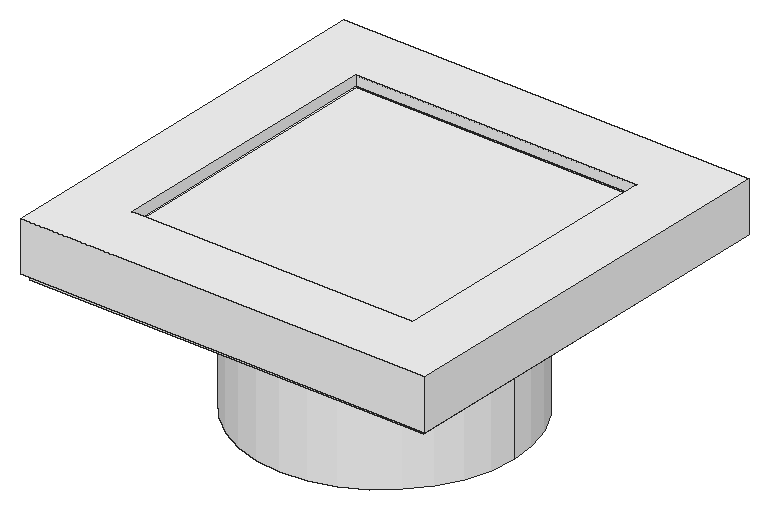
Revit family "Gira_012803", category Electrical Fixtures, host Face, Revit 2017
Family settings
  Host = Face
  Maintain Annotation Orientation = Yes
  Round Connector Dimension = Use Diameter
  Part Type = Normal
  Cut with Voids When Loaded = No
  Shared = No
  Room Calculation Point = No
Parameters (values of type "PB sw. 2-way 2-g System 55 p.white")
  With mounting plate = "No"
  Wiring system = "Alternating-/alternating switch"
  White [instance] = White
  Washing machine switch = "No"
  URL = "http://katalog.gira.de/en/datenblatt.html?artikelnr=012803"
  Type of fastening = "Mounting with claw and screw"
  Surface protection = "Other"
  Surface finishing = "Glossy"
  Suitable for degree of protection (IP) = "IP20"
  Rated current = "10"
  RAL-number (akin) = "9010"
  Push button switch = "Yes"
  Number of rockers = "2"
  Number of modules (module system) = "1"
  Nominal voltage = "250"
  Name = "PB sw. 2-way 2-g System 55 p.white"
  Mounting method = "Flush mounted (plaster)"
  Model = "Sys55_Komplettgerät_Schalten und Tasten"
  Method of operation = "Rocker/button"
  Material quality = "Thermoplastic"
  Material = "Plastic"
  Manufacturer URL = "https://www.gira.de/"
  Manufacturer = "Gira"
  Label space/information surface = "No"
  Illumination = "No"
  HeinzeBIM = "https://bimportal.heinze.de/bim/pb-sw-2-way-2-g-system-55-p-white/1cee8267e8fd8177bb1789cf649ea13796b646d7"
  Halogen free = "Yes"
  HAN = "012803"
  GTIN = "4010337128038"
  Feedback-signal contact = "No"
  Description = "PB sw.2-w 2g Sys55 PW,Pushbutton switch, 10 AX 250 V~ with rocker, 2-gang,2-way switch, 2-gang,pure white glossy,"
  Default Elevation = 1219.2 mm
  Data sheet (1) = "https://katalog.gira.de/en/download.html?artikelnr=012803"
  Connection type = "Plug clamp"
  Colour = "White"
  Category = "Switch"
  BIM (1) = "https://media.stage.bim.site/public/gira/36a6b08/Sys55_Komplettgerät_Schalten und Tasten.rfa?public/gira/36a6b08/Sys55_Komplettgerät_Schalten und Tasten.rfa"
  Available = "No"
  Assembly arrangement = "Basic element with central cover plate"
Reference planes
  plane 1 "Center (Front/Back)": y = 0
  plane 2: z = 0
  plane 3 "Center (Left/Right)": x = 0
Forms (mm)
  Extrusion 1, solid, material "White" <- "White", detail levels medium
    sketch origin (0, 0, 0) x (1, 0, 0) y (0, 1, 0)
      loop
        line (-40.4, 40.4) -> (-40.4, -40.4) -> (40.4, -40.4) -> (40.4, 40.4) -> (-40.4, 40.4)
      loop
        line (-28, 28) -> (-28, -28) -> (28, -28) -> (28, 28) -> (-28, 28)
    from 0 to 10
  Extrusion 2, solid, material "White" <- "White", detail levels fine
    sketch origin (0, 0, 0) x (1, 0, 0) y (0, 1, 0)
      loop
        line (-40.4, 40.4) -> (-40.4, -40.4) -> (40.4, -40.4) -> (40.4, 40.4) -> (-40.4, 40.4)
      loop
        line (-28, 28) -> (-28, -28) -> (28, -28) -> (28, 28) -> (-28, 28)
    from 0 to 10
  Extrusion 3, void
    sketch origin (0, 0, 0) x (1, 0, 0) y (0, 1, 0)
      loop
        line (-38.4, 38.4) -> (-38.4, -38.4) -> (38.4, -38.4) -> (38.4, 38.4) -> (-38.4, 38.4)
    from 0 to 8
  Extrusion 4, solid, material "White" <- "White", detail levels medium+fine
    sketch origin (0, 0, 0) x (1, 0, 0) y (0, 1, 0)
      loop
        line (-39.4, 39.4) -> (-39.4, -39.4) -> (39.4, -39.4) -> (39.4, 39.4) -> (-39.4, 39.4)
    from 0 to -1
  Extrusion 5, solid, material "White" <- "White", detail levels medium+fine
    sketch origin (0, 0, 0) x (1, 0, 0) y (0, 1, 0)
      loop
        line (-35.5, 35.5) -> (-35.5, -35.5) -> (35.5, -35.5) -> (35.5, 35.5) -> (-35.5, 35.5)
    from -2 to -3
  Extrusion 6, solid, material "White" <- "White", detail levels medium+fine
    sketch origin (0, 0, 0) x (1, 0, 0) y (0, 1, 0)
      loop
        circle (0, 0) r 26
    from 0 to -27.5
  Extrusion 7, solid, material "White" <- "White", detail levels coarse
    sketch origin (0, 0, 0) x (1, 0, 0) y (0, 1, 0)
      loop
        line (-40.4, 40.4) -> (-40.4, -40.4) -> (40.4, -40.4) -> (40.4, 40.4) -> (-40.4, 40.4)
    from -27.5 to 10
Cuts and joins
  Extrusion 3 cuts Extrusion 2
Dimensions and locks
  aligned and locked: plane 2 to host face
  aligned and locked: level to host face
  aligned and locked: plane 3 "Center (Left/Right)" to nested 2
  aligned and locked: plane 1 "Center (Front/Back)" to nested 2
Nested families
  nested 1: "Sys55_Abdeckung_Schalten und Tasten_floor_base" at (0, 0, 0), type "Sys55_Abdeckung_Schalten und Tasten_floor_base"
  nested 2: "Schalter" at (0, 0, 0), type "Schalter"
Connectors
  electrical at (0, 0, -27.5)
    settings: on Extrusion 6, index 1, voltage 220 V, apparent load 0 VA, apparent load phase1 0 VA, apparent load phase2 0 VA, apparent load phase3 0 VA, power factor 1, load classification "Other", number of poles 1, system type 30, power factor state 1, is connector primary yes, connector utility no, sub classification motor no, connector description ""
Definition of nested family "Sys55_Abdeckung_Schalten und Tasten_floor_base"
  Parameters
    Default Elevation = 1219.2 mm
    White [instance] = none
  Reference planes
    plane 1 "Center (Front/Back)": y = 0
    plane 2: z = 0
    plane 3 "Center (Left/Right)": x = 0
  Forms (mm)
    Extrusion 1, solid
      sketch origin (0, 0, 0) x (1, 0, 0) y (0, 1, 0)
        loop
          line (-1219.2, 1219.2) -> (-1219.2, -1219.2) -> (1219.2, -1219.2) -> (1219.2, 1219.2) -> (-1219.2, 1219.2)
      from 0 to -304.8
    Extrusion 2, solid, material <- "White", detail levels fine
      sketch origin (0, 0, 0) x (1, 0, 0) y (0, 1, 0)
        loop
          line (-27.5, 27.5) -> (-27.5, -27.5) -> (27.5, -27.5) -> (27.5, 27.5) -> (-27.5, 27.5)
      from 0 to 8
    Extrusion 3, void
      sketch origin (0, 0, 0) x (1, 0, 0) y (0, 1, 0)
        loop
          line (26, 26) -> (-26, 26) -> (-26, -26) -> (26, -26) -> (26, 26)
      from 0 to 6
    Extrusion 4, solid, material <- "White", detail levels medium
      sketch origin (0, 0, 0) x (1, 0, 0) y (0, 1, 0)
        loop
          line (-27.5, 27.5) -> (-27.5, -27.5) -> (27.5, -27.5) -> (27.5, 27.5) -> (-27.5, 27.5)
      from 0 to 8
    Extrusion 5, solid, material <- "White", detail levels medium
      sketch origin (0, 0, 0) x (1, 0, 0) y (0, 1, 0)
        loop
          line (11, -17.5) -> (11, 17.5) -> (-11, 17.5) -> (-11, -17.5) -> (11, -17.5)
      from -6 to 6
    Extrusion 6, solid, material <- "White", detail levels fine
      sketch origin (0, 0, 0) x (1, 0, 0) y (0, 1, 0)
        loop
          line (11, 17.5) -> (-11, 17.5) -> (-11, 16.5) -> (11, 16.5) -> (11, 17.5)
        loop
          line (-11, -16.5) -> (-11, -17.5) -> (11, -17.5) -> (11, -16.5) -> (-11, -16.5)
      from -4 to 6
    Extrusion 7, solid, material <- "White", detail levels fine
      sketch origin (0, 0, 0) x (1, 0, 0) y (0, 1, 0)
        loop
          arc (5, 9.347) -> (0, 10.6) -> (-5, 9.347) r 10.6
          line (-5, 9.347) -> (-5, -9.347)
          arc (-5, -9.347) -> (0, -10.6) -> (5, -9.347) r 10.6
          line (5, -9.347) -> (5, 9.347)
      from -6 to 6
    Extrusion 8, solid, material <- "White", detail levels coarse
      sketch origin (0, 0, 0) x (1, 0, 0) y (0, 1, 0)
        loop
          line (-27.5, 27.5) -> (-27.5, -27.5) -> (27.5, -27.5) -> (27.5, 27.5) -> (-27.5, 27.5)
      from -6 to 8
  Cuts and joins
    Extrusion 3 cuts Extrusion 2
  Dimensions and locks
    aligned and locked: plane 2 to Extrusion 1
    aligned and locked: level to Extrusion 1
Definition of nested family "Schalter"
  Reference planes
    plane 1: y = 0
    plane 2: x = 0
  Lines and regions (mm)
    detail lines
      curve 1: circle (1.375, 2.778, 0) r 0.8 normal (0, 0, 1)
      curve 2: line (1.021, 2.061, 0) -> (0, 0, 0)
      curve 3: line (0, 0, 0) -> (-0.538, 0.266, 0)
  Dimensions and locks
    curve 2 to curve 2 = 2.3 mm
    curve 3 to curve 2 = 0.6 mm
    radius of curve 1 = 0.8 mm
